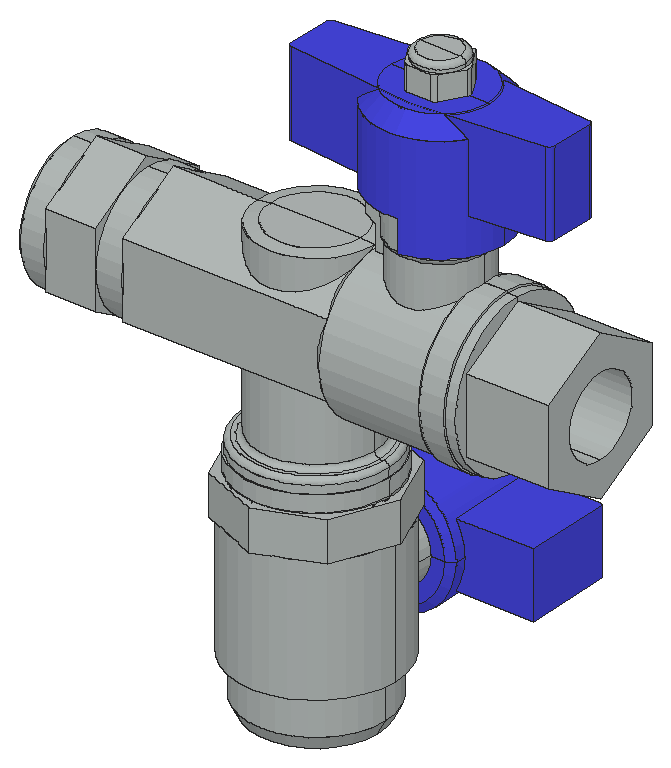
Revit family "QD36990000", category Apparecchi idraulici, Revit 2020
Family settings
  Quota connettore circolare = Usa diametro
  Tipo di parte = Normale
  Numero OmniClass = 23.45.00.00
  Titolo OmniClass = Sanitary, Laundry, and Cleaning Equipment
  Basato su piano di lavoro = No
  Sempre verticale = Sì
  Taglio con vuoti quando caricato = No
  Condiviso = No
  Punto di calcolo locali = No
Parameters
  URL = "https://web.cimberio.it/index.php/figura/1098?subcategoria_id=89"
  Temperatura di esercizio = "-20 ÷ 90°C"
  Prospetto di default = 0 mm
  Produttore = "CIMBERIO SPA"
  Pressione nominale = "PN 16"
  Modello = "Cim 631"
  Materiale = "Prodotto in lega di ottone conforme alla norma EN 12165-CW617N-DW"
  Descrizione = "Utilizzato nei più svariati settori dell'impiantistica: impianti di riscaldamento, condizionamento, idrici, igienico-sanitari, aria compressa, reti di distribuzione oli, benzine, vapore saturo e in generale con ogni fluido non corrosivo"
  DN Model [instance] = QD36991015 : QD36991015
  DN [instance] = 15 mm
  Commenti sul tipo = "Realizzato in ottemperanza ai requisiti gestionali della norma EN ISO 9001.\r\nCollaudato al 100% secondo la normativa EN 12266-1"
Reference planes
  plane 1 "Centro (Fronte/Retro)": y = 0
  plane 2: z = 0
  plane 3 "Centro (Sinistra/Destra)": x = 0
Dimensions and locks
  aligned and locked: level to plane 2
Nested families
  nested 1: "QD36991015" at (0, 0, 0), type <- "DN Model", type "QD36991015"
  nested 2: "QD36991015" at (0, 0, 0), type <- "DN Model", type "QD36991015"
  nested 3: "QD36991015" at (0, 0, 0), type <- "DN Model", type "QD36991015"
  nested 4: "QD36991015" at (0, 0, 0), type <- "DN Model", type "QD36991015"
  nested 5: "QD36991015" at (0, 0, 0), type <- "DN Model", type "QD36991015"
  nested 6: "QD36991015" at (0, 0, 0), type <- "DN Model", type "QD36991015"
  nested 7: "QD36991015" at (0, 0, 0), type <- "DN Model", type "QD36991015"
  nested 8: "QD36991015" at (0, 0, 0), type <- "DN Model", type "QD36991015"
  nested 9: "QD36991015" at (0, 0, 0), type <- "DN Model", type "QD36991015"
Connectors
  piping at (30.3, 0, 0), diameter 15, driven by "DN"
    settings: on nested 1, index 1, connector inside diameter 609.6 mm, connector length 0 mm, flow factor 0, pipe flow 0.0 L/s, pressure drop 0.0 Pa, fitting loss kfactor 0, connector angle 0.00°, fixture units 0, engagement length 0 mm, angle of deflection 0.00°, flow configuration 0, flow direction 0, fitting loss method 0, system type 7, joint type 0, gender type 0, connector reference index -1, connector utility 0, adjustable connector no, is connector primary yes, connector description ""
  piping at (-50.5, 0, 0), diameter 15, driven by "DN"
    settings: on nested 1, index 2, connector inside diameter 609.6 mm, connector length 0 mm, flow factor 0, pipe flow 0.0 L/s, pressure drop 0.0 Pa, fitting loss kfactor 0, connector angle 0.00°, fixture units 0, engagement length 0 mm, angle of deflection 0.00°, flow configuration 0, flow direction 0, fitting loss method 0, system type 7, joint type 0, gender type 0, connector reference index -1, connector utility 0, adjustable connector no, is connector primary no, connector description ""
Definition of nested family "QD36991015"
  Parameters (values of type "QD36991015")
    Default Elevation = 0 mm
  Reference planes
    plane 1 "Centro (Fronte/Retro)": y = 0
    plane 2: z = 0
    plane 3 "Centro (Sinistra/Destra)": x = 0
  Forms (mm)
    Extrusion 1, solid
      sketch origin (0, 0, 0) x (0, 0, -1) y (0, 1, 0)
        loop
          circle (0, 0) r 7.5
        loop
          line (-14, 0) -> (-7, -12.124) -> (7, -12.124) -> (14, 0) -> (7, 12.124) -> (-7, 12.124) -> (-14, 0)
      from -50.5 to -11
    Extrusion 2, solid
      sketch origin (0, 0, 0) x (0, 0, 1) y (0, -1, 0)
        loop
          circle (0, 0) r 7.5
        loop
          line (14.05, 0) -> (7.025, 12.168) -> (-7.025, 12.168) -> (-14.05, 0) -> (-7.025, -12.168) -> (7.025, -12.168) -> (14.05, 0)
      from 14.6 to 30.3
    Revolve 3, solid
      sketch origin (0, 0, 2.5) x (1, 0, 0) y (0, 0, 1)
        loop
          line (0, 43.3) -> (-9.25, 43.3) -> (-12.25, 40.3) -> (-12.25, 20.3) -> (-7.802, 20.3) -> (-7.802, 39.889) -> (0, 39.889) -> (0, 43.3)
        axis (0, 43.3) -> (0, 20.3)
      angle from 0 to 360
    Extrusion 4, void
      sketch origin (0, 0, 0) x (1, 0, 0) y (0, 1, 0)
        loop
          arc (-12.226, -0.772) -> (-7.782, -9.46) -> (1.6, -12.145) r 12.25
          line (1.6, -12.145) -> (1.6, -7.898)
          arc (1.6, -7.898) -> (-2.859, -5.409) -> (-4.999, -0.772) r 8.25
          line (-4.999, -0.772) -> (-12.226, -0.772)
      from 21.96 to 28.8
    Extrusion 5, solid
      sketch origin (-0.001, 0, 0) x (1, -0.000098, 0) y (0.000098, 1, 0)
        loop
          arc (-2.307, 5) -> (-2.809, 4.865) -> (-3.177, 4.498) r 1.004
          line (-3.177, 4.498) -> (-5.487, 0.496)
          arc (-5.487, 0.496) -> (-5.62, 0) -> (-5.487, -0.496) r 0.992
          line (-5.487, -0.496) -> (-3.188, -4.478)
          arc (-3.188, -4.478) -> (-2.806, -4.86) -> (-2.284, -5) r 1.043
          line (-2.284, -5) -> (2.288, -5)
          arc (2.288, -5) -> (2.806, -4.861) -> (3.186, -4.481) r 1.038
          line (3.186, -4.481) -> (5.496, -0.481)
          arc (5.496, -0.481) -> (5.625, 0) -> (5.496, 0.481) r 0.963
          line (5.496, 0.481) -> (3.176, 4.499)
          arc (3.176, 4.499) -> (2.809, 4.866) -> (2.309, 5) r 1.001
          line (2.309, 5) -> (-2.307, 5)
      from 45.8 to 50.3
    Revolve 6, solid
      sketch origin (0, 0, 0) x (1, 0, 0) y (0, 0, 1)
        loop
          line (0, 51.8) -> (0, 49.926) -> (4.75, 49.926) -> (4.75, 50.8)
          arc (4.75, 50.8) -> (4.457, 51.507) -> (3.75, 51.8) r 1
          line (3.75, 51.8) -> (0, 51.8)
        axis (0, 51.8) -> (0, 49.926)
      angle from 0 to 360
    Revolve 7, solid
      sketch origin (0, 0, 0) x (1, 0, 0) y (0, 0, 1)
        loop
          line (0.067, 27.3) -> (-9, 27.3) -> (-8.874, 20.742)
          arc (-8.874, 20.742) -> (-8.731, 20.295) -> (-8.367, 20) r 0.819
          line (-8.367, 20) -> (-8.367, 7.3) -> (0.067, 7.3) -> (0.067, 27.3)
        axis (0.067, 7.3) -> (0.067, 27.3)
      angle from 0 to 360
    Revolve 8, solid
      sketch origin (0, 0, 0) x (1, 0, 0) y (0, 0, 1)
        loop
          line (12.6, -7.5) -> (-13.15, -7.5) -> (-13.15, -12.65) -> (-11.5, -14.3) -> (7.5, -14.3)
          arc (7.5, -14.3) -> (7.635, -14.732) -> (8, -15) r 0.726
          line (8, -15) -> (12.6, -15) -> (12.6, -7.5)
        axis (12.6, 0) -> (-13.15, 0)
      angle from 0 to 360
    Revolve 9, solid
      sketch origin (0, 0, 0) x (1, 0, 0) y (0, 0, 1)
        loop
          line (12.6, 14.75) -> (12.6, 7.5) -> (14.6, 7.5) -> (14.6, 14.75) -> (12.6, 14.75)
        axis (12.6, 0) -> (14.6, 0)
      angle from 0 to 360
    Extrusion 10, solid
      sketch origin (0, 0, 0) x (1, 0, 0) y (0, 0, 1)
        loop
          line (-13, 26.3) -> (-13, 20) -> (-11, 18.845) -> (-11, 12.307) -> (-7.367, 12.307) -> (-7.367, 26.3) -> (-13, 26.3)
      from 0 to 1.5
    Extrusion 11, solid
      sketch origin (0, 0, 0) x (1, 0, 0) y (0, 1, 0)
        loop
          line (-25, 4.095) -> (-25, -4.095)
          arc (-25, -4.095) -> (-24.741, -4.766) -> (-24.099, -5.09) r 1
          line (-24.099, -5.09) -> (0, -7.495) -> (24.099, -5.09)
          arc (24.099, -5.09) -> (24.741, -4.766) -> (25, -4.095) r 1
          line (25, -4.095) -> (25, 4.095)
          arc (25, 4.095) -> (24.741, 4.766) -> (24.099, 5.09) r 1
          line (24.099, 5.09) -> (0, 7.495) -> (-24.099, 5.09)
          arc (-24.099, 5.09) -> (-24.741, 4.766) -> (-25, 4.095) r 1
      from 29.84 to 45.713
    Revolve 12, solid
      sketch origin (0, 0, 0) x (1, 0, 0) y (0, 0, 1)
        loop
          line (-37.5, -24.428) -> (-37.5, -27.428)
          arc (-37.5, -27.428) -> (-37.207, -28.135) -> (-36.5, -28.428) r 1
          line (-36.5, -28.428) -> (-31, -28.428) -> (-31, -24.428) -> (-37.5, -24.428)
        axis (-23.5, -28.428) -> (-23.5, -24.428)
      angle from 0 to 360
    Revolve 13, solid
      sketch origin (0, 0, 0) x (1, 0, 0) y (0, 0, 1)
        loop
          line (-31, -21.928) -> (-36.25, -21.928)
          arc (-36.25, -21.928) -> (-36.957, -22.221) -> (-37.25, -22.928) r 1
          line (-37.25, -22.928) -> (-37.25, -24.428) -> (-31, -24.428) -> (-31, -21.928)
        axis (-23.5, -24.428) -> (-23.5, -21.928)
      angle from 0 to 360
    Revolve 14, solid
      sketch origin (0, 0, 0) x (1, 0, 0) y (0, 0, 1)
        loop
          line (-31, -21.928) -> (-31, 11.872) -> (-23.5, 11.872) -> (-23.5, 14.372) -> (-32, 14.372)
          arc (-32, 14.372) -> (-33.259, 14.247) -> (-34.5, 14) r 13.001
          line (-34.5, 14) -> (-34.5, -20.928)
          arc (-34.5, -20.928) -> (-34.793, -21.635) -> (-35.5, -21.928) r 1
          line (-35.5, -21.928) -> (-31, -21.928)
        axis (-23.5, -21.928) -> (-23.5, 14.372)
      angle from 0 to 360
    Extrusion 15, solid
      sketch origin (-23.5, 0, -24.428) x (0, 1, 0) y (1, 0, 0)
        loop
          circle (0, 0) r 7.5
        loop
          line (15.95, 0) -> (11.278, 11.278) -> (0, 15.95) -> (-11.278, 11.278) -> (-15.95, 0) -> (-11.278, -11.278) -> (0, -15.95) -> (11.278, -11.278) -> (15.95, 0)
      from 3.081 to 10.581
    Revolve 16, solid
      sketch origin (0, 0, 0) x (1, 0, 0) y (0, 0, 1)
        loop
          line (-31.011, -35.008) -> (-38.511, -35.008) -> (-38.511, -58.708) -> (-31.011, -58.708) -> (-31.011, -35.008)
        axis (-23.511, -58.708) -> (-23.511, -35.008)
      angle from 0 to 360
    Revolve 17, solid
      sketch origin (0, 0, 0) x (1, 0, 0) y (0, 0, 1)
        loop
          line (-31.011, -58.708) -> (-36.638, -58.708) -> (-36.638, -66.046) -> (-35.193, -68.708) -> (-31.011, -68.708) -> (-31.011, -58.708)
        axis (-23.511, -58.708) -> (-23.511, -68.708)
      angle from 0 to 360
    Revolve 18, solid
      sketch origin (0, 0, -47.5) x (1, 0, 0) y (0, 1, 0)
        loop
          line (-23.5, 17.45) -> (-31.173, 17.45) -> (-30.732, 4.802) -> (-23.5, 4.802) -> (-23.5, 17.45)
        axis (-23.5, 17.45) -> (-23.5, 4.802)
      angle from 0 to 360
    Revolve 19, solid
      sketch origin (0, 0, -47.707) x (1, 0, 0) y (0, 1, 0)
        loop
          line (-23.5, 37.25) -> (-34.578, 37.25)
          arc (-34.578, 37.25) -> (-34.943, 37.046) -> (-35.08, 36.652) r 0.588
          line (-35.08, 36.652) -> (-35.4, 18.316) -> (-33.9, 17.45) -> (-23.5, 17.45) -> (-23.5, 37.25)
        axis (-23.5, 17.45) -> (-23.5, 37.25)
      angle from 0 to 360
    Extrusion 20, solid
      sketch origin (0, 0, 0) x (1, 0, 0) y (0, 1, 0)
        loop
          line (-23.485, 37.25) -> (-23.485, 20.25) -> (1.5, 20.25) -> (1.212, 36.759)
          arc (1.212, 36.759) -> (0.703, 37.122) -> (0.092, 37.25) r 1.523
          line (0.092, 37.25) -> (-23.485, 37.25)
      from -53.846 to -41.567
    Revolve 21, solid
      sketch origin (0, 0, 0) x (1, 0, 0) y (0, 0, 1)
        loop
          line (-65, 12.55) -> (-69.395, 12.55) -> (-70, 12.042) -> (-70, 7.5) -> (-65, 7.5) -> (-65, 12.55)
        axis (-70, 0) -> (-65, 0)
      angle from 0 to 360
    Extrusion 22, solid
      sketch origin (-79.6, 0, 0) x (0, 0, 1) y (0, -1, 0)
        loop
          circle (0, 0) r 7.5
        loop
          line (14.05, 0) -> (7.025, 12.168) -> (-7.025, 12.168) -> (-14.05, 0) -> (-7.025, -12.168) -> (7.025, -12.168) -> (14.05, 0)
      from 14.6 to 24.1
    Revolve 23, solid
      sketch origin (0, 0, 0) x (1, 0, 0) y (0, 0, 1)
        loop
          line (-55.5, 12.3) -> (-55.5, 7.5) -> (-50.5, 7.5) -> (-50.5, 12.3) -> (-55.5, 12.3)
        axis (-55.5, 0) -> (-50.5, 0)
      angle from 0 to 360
  Cuts and joins
    Extrusion 4 cuts Revolve 3
    joined: Revolve 7, Revolve 8
    joined: Extrusion 1, Revolve 14
    joined: Revolve 19, Extrusion 20
  Dimensions and locks
    aligned and locked: level to plane 2
